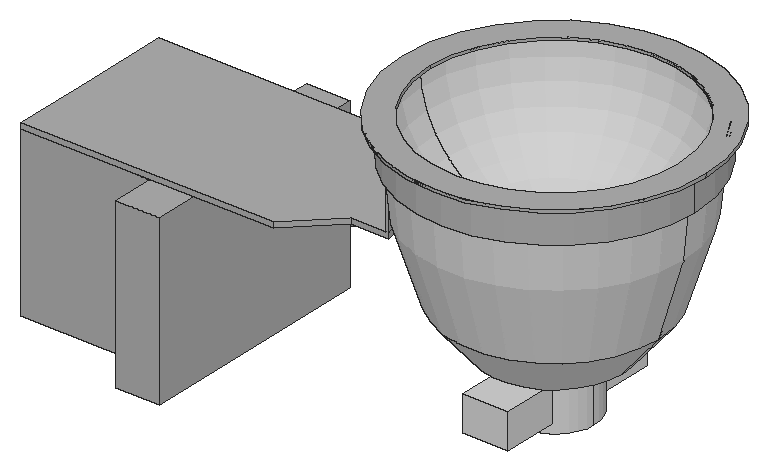
Revit family "RLC6ML", category Lighting Fixtures, host Face, Revit 2014
Parameters (values of type "RLC6")
  Wattage Comments = "17W - 42W"  # constant formula
  Wattage = 17 W
  built-in parameter 1150110 = 1 (stored number, unit not read)
  Voltage = 120 V
  URL = "https://www.hubbell.com/prescolite/en/"
  built-in parameter 1114217 = 1 (stored number, unit not read)
  Tilt Angle = -90.00°  # constant formula
  built-in parameter 1150109 = 1 (stored number, unit not read)
  built-in parameter 1150134 = (empty or 0)
  built-in parameter 1150113 = 1 (stored number, unit not read)
  Product Page URL = "https://www.hubbell.com/prescolite/en/Products/Lighting-Controls/Commercial-Indoor-Lighting/Recessed-Downlights/RLC6/p/213017"
  Product Documentation Link = "https://hubbellcdn.com/specsheet/rtf_024.pdf"
  Photometric Web Link = "https://www.hubbell.com/prescolite/en/Products/Lighting-Controls/Commercial-Indoor-Lighting/Recessed-Downlights/RLC6/p/213017#prod-resources-section"
  Photometric Web File = "RLC6LED120_6LCLED535K8.IES"
  Model = "RLC6ML"  # constant formula
  Manufacturer = "Prescolite"  # constant formula
  built-in parameter 1150105 = 200.95 (stored number, unit not read)
  Lumens = 2525.21 lm
  built-in parameter 1150115 = 1 (stored number, unit not read)
  Load Classification = Lighting
  built-in parameter 1150137 = (empty or 0)
  built-in parameter 1150139 = (empty or 0)
  built-in parameter 1150112 = 1 (stored number, unit not read)
  built-in parameter 1150114 = 1 (stored number, unit not read)
  Lamp = "LED"
  Input Watts = 17 W
  built-in parameter 1150132 = (empty or 0)
  built-in parameter 1150102 = (empty or 0)
  built-in parameter 1150107 = 3500 (stored number, unit not read)
  built-in parameter 1150138 = (empty or 0)
  built-in parameter 1150106 = 2.0095 (stored number, unit not read)
  Housing = Hubbell - Steel
  Reflector = Hubbell - Aluminum
  Emit from Circle Diameter = 6"  # constant formula
  Emit Shape Visible in Rendering = no
  built-in parameter 1150104 = 13.8 (stored number, unit not read)
  Dimming Lamp Color Temperature Shift = <None>
  Description = "Retroficient is designed specifically to retrofit into ceilings with existing recessed downlight fixtures"  # constant formula
  Default Elevation = 48"
  Color Filter = 16777215
  built-in parameter 1114218 = 1 (stored number, unit not read)
  built-in parameter 1150133 = 10 (stored number, unit not read)
  Application = "Education,Healthcare,Hospitality,Office,Lobby,Conference Room,Classroom,Waiting Room,Auditorium,Guest Room,Dining Area"  # constant formula
  Apparent Load = 0 VA
Reference planes (in)
  plane 1 "Center (Front/Back)": y = 0
  plane 2: z = 0
  plane 3 "Center (Left/Right)": x = 0
  plane 4: x = -7.5
  plane 5: x = 3.25
  plane 6: z = -3
  plane 7: x = 0.0625
  plane 8: z = -0.8125
  plane 9: z = -7
  plane 10: z = -3.125
  plane 11: x = -3.5
  plane 12: z = 0.0625
  plane 13: y = 1.99568
  plane 14: y = -1.99568
  plane 15: z = 0.1875
Forms (in)
  Extrusion 1, solid, material "Hubbell - Steel" <- "Housing"
    sketch origin (0, 0, 0) x (1, 0, 0) y (0, 1, 0)
      loop
        circle (3.25, 0) r 3.5
      loop
        circle (3.25, 0) r 2.875
    from 0 to 0.0625
  Revolve 2, solid, material "Hubbell - Aluminum" <- "Reflector"
    sketch origin (0, 0, -0.13258) x (1, 0, 0) y (0, 0, 1)
      loop
        line (2.33194, -4.6137) -> (2.33194, -5.89836) -> (3.25, -5.89836) -> (3.25, -2.26333) -> (1.92975, -2.26333)
        arc (1.92975, -2.26333) -> (0.62541, -1.36802) -> (0.1243, 0.13258) r 2.48854
        line (0.1243, 0.13258) -> (0.0618, 0.13258)
        arc (0.0618, 0.13258) -> (0.25863, -1.77741) -> (0.84514, -3.60573) r 9.2597
        line (0.84514, -3.60573) -> (1.68113, -4.6137) -> (2.33194, -4.6137)
      axis (3.25, 0.13258) -> (3.25, -5.89836)
    angle from 0 to 360
  Extrusion 3, solid, material "Hubbell - Steel" <- "Housing"
    sketch origin (0, 0, 0) x (1, 0, 0) y (0, 1, 0)
      loop
        line (0.22342, 1) -> (-0.65625, 1) -> (-1.65193, 1.99568) -> (-7.5, 1.99568) -> (-7.5, 0) -> (-7.5, -1.99568) -> (-1.65193, -1.99568) -> (-0.65625, -1) -> (0.22342, -1)
        arc (0.22342, -1) -> (0.0625, 0) -> (0.22342, 1) r 3.1875
    from -3.125 to -3
  Extrusion 4, solid, material "Hubbell - Steel" <- "Housing"
    sketch origin (0, 0, 0) x (1, 0, 0) y (0, 1, 0)
      loop
        line (-7.5, 1.99568) -> (-7.5, -1.99568) -> (-3.5, -1.99568) -> (-3.5, 1.99568) -> (-7.5, 1.99568)
    from -3.125 to -7
  Revolve 5, solid, material "Hubbell - Steel" <- "Housing"
    sketch origin (0, 0, 0) x (1, 0, 0) y (0, 0, 1)
      loop
        line (0, 0) -> (0, -0.8125) -> (0.0625, -0.8125) -> (0.0625, 0) -> (0, 0)
      axis (3.25, 0) -> (3.25, -0.8125)
    angle from 0 to 360
  Extrusion 6, solid, material "Hubbell - Steel" <- "Housing"
    sketch origin (1.38379, -180, 0) x (0, -1, 0) y (1, 0, 0)
      loop
        line (-179, -1.22612) -> (-179, -1.16036)
        arc (-179, -1.16036) -> (-180, -1.32129) -> (-181, -1.16036) r 3.1875
        line (-181, -1.16036) -> (-181, -1.22612)
        arc (-181, -1.22612) -> (-180, -1.38379) -> (-179, -1.22612) r 3.25
    from -3.125 to -0.8125
  Extrusion 7, void
    sketch origin (1.38379, -180, 0) x (0, -1, 0) y (1, 0, 0)
      loop
        circle (-180, 1.86621) r 3.25
    from 0 to -3.125
  Extrusion 8, solid, material "Hubbell - Aluminum" <- "Reflector"
    sketch origin (-0.08637, 0, 0) x (1, 0, 0) y (0, 0, 1)
      loop
        line (2.81039, -5.02709) -> (2.81039, -5.82143) -> (3.86235, -5.82143) -> (3.86235, -5.02709) -> (2.81039, -5.02709)
    from -1.99568 to 1.99568
  Sweep 9, solid, material "Hubbell - Steel" <- "Housing"
    path origin (0, -4.80623, -5.64998) x (0, -1, 0) y (1, 0, 0)
      loop
        spline (-6.68312, -4.17701) -> (-7.66243, -3.4099) -> (-8.30799, -2.5833) -> (-8.6766, -1.72524) -> (-8.82504, -0.86373) -> (-8.81009, -0.0268) -> (-8.68853, 0.75755) -> (-8.50955, 1.46236) -> (-8.25922, 2.0696) -> (-7.8924, 2.5656) -> (-7.36372, 2.93674) -> (-6.62782, 3.16942) -> (-5.63933, 3.25)
    profile origin (0.75755, 3.88231, -5.64998) x (0.203884, 0.978995, 0) y (0, 0, 1)
      loop
        circle (0, 0) r 0.13761
  Extrusion 10, solid, material "Hubbell - Steel" <- "Housing"
    sketch origin (1.38379, -180, 0) x (0, -1, 0) y (1, 0, 0)
      loop
        line (-182.52581, -4.88379) -> (-182.52581, -5.88379) -> (-177.02581, -5.88379) -> (-177.02581, -4.88379) -> (-182.52581, -4.88379)
    from -7 to -3.125
Cuts and joins
  joined: Extrusion 1, Extrusion 3, Revolve 5, Extrusion 6
  joined: Extrusion 4, Extrusion 10
Dimensions and locks (in)
  locked: plane 4 to plane 3 "Center (Left/Right)" at 7.5
  locked: plane 4 to plane 5 at 10.75
  locked: plane 1 "Center (Front/Back)" to Extrusion 3 sketch curve at 1
  Extrusion 3 sketch curve to plane 1 "Center (Front/Back)" = 1"
  locked: plane 7 to plane 3 "Center (Left/Right)" at 0.0625
  locked: plane 2 to plane 9 at 7
  plane 2 to plane 6 = 3"
  locked: plane 6 to plane 10 at 0.125
  locked: plane 11 to plane 4 at 4
  locked: plane 12 to plane 2 at 0.0625
  equal spacing: plane 14, plane 1 "Center (Front/Back)", plane 13, locked at 1.99568 each
  locked: plane 15 to plane 12 at 0.125
  aligned and locked: Revolve 2 sketch curve to plane 5  (x2)
  aligned and locked: plane 6 to Extrusion 3
  aligned and locked: Revolve 5 sketch curve to plane 3 "Center (Left/Right)"
  aligned and locked: plane 7 to Revolve 5 sketch curve
  aligned and locked: plane 8 to Revolve 5 sketch curve
  aligned and locked: Extrusion 3 to plane 10
  aligned and locked: Extrusion 4 to Extrusion 3
  aligned and locked: plane 11 to Extrusion 4
  aligned and locked: cut or joined group of Extrusion 1, Extrusion 3, Revolve 5, Extrusion 6 to Extrusion 6
  aligned and locked: imposter light to plane 1 "Center (Front/Back)"
  aligned and locked: host face to cut or joined group of Extrusion 1, Extrusion 3, Revolve 5, Extrusion 6
  aligned and locked: cut or joined group of Extrusion 1, Extrusion 3, Revolve 5, Extrusion 6 to Extrusion 7
  aligned and locked: plane 12 to Extrusion 1
  aligned and locked: Extrusion 1 to plane 2
  aligned and locked: Revolve 2 sketch curve to plane 2
  aligned and locked: Revolve 5 sketch curve to plane 2
  aligned and locked: Extrusion 6 to Revolve 5
  aligned and locked: Extrusion 8 to Extrusion 4
  aligned and locked: Extrusion 4 to Extrusion 8
  aligned and locked: cut or joined group of Extrusion 1, Extrusion 3, Revolve 5, Extrusion 6 to plane 14
  aligned and locked: cut or joined group of Extrusion 1, Extrusion 3, Revolve 5, Extrusion 6 to plane 13
  aligned and locked: imposter light to plane 15
  aligned and locked: Extrusion 10 to Extrusion 4
  aligned and locked: Extrusion 4 to Extrusion 10
Automatic sketch dimensions
  host sketch curve to host sketch curve = 96"  (x2)
  Extrusion 1 sketch curve to Extrusion 1 sketch curve = 0"  (x2)
  plane 1 "Center (Front/Back)" to Extrusion 1 sketch curve = 0"
  Extrusion 1 sketch curve to plane 5 = 0"
  Revolve 2 sketch curve to level = 0.00295"
  Revolve 2 sketch curve to plane 5 = 0.63715"
  Revolve 2 sketch curve to plane 5 = 0.91806"
  plane 6 to Revolve 2 sketch curve = 0.60409"
  Revolve 2 sketch curve to Revolve 2 sketch curve = 1.32025"
  Revolve 2 sketch curve to Revolve 2 sketch curve = 0.65081"
  plane 3 "Center (Left/Right)" to Revolve 2 sketch curve = 0.84514"
  plane 3 "Center (Left/Right)" to Revolve 2 sketch curve = 0.0618"
  Revolve 2 sketch curve to level = 0.01091"
  plane 5 to Revolve 2 sketch curve = 6.0715"
  Revolve 2 sketch curve to Revolve 2 sketch curve = 1.00797"
  plane 9 to Revolve 2 sketch curve = 0.96906"
  Revolve 2 sketch curve to plane 9 = 3.88258"
  plane 12 to Revolve 2 sketch curve = 1.30492"
  Extrusion 3 sketch curve to plane 4 = 0"
  plane 13 to Extrusion 3 sketch curve = 0"
  Extrusion 3 sketch curve to plane 14 = 0"
  plane 1 "Center (Front/Back)" to Extrusion 3 sketch curve = 0"  (x2)
  Extrusion 3 sketch curve to plane 5 = 0"
  Extrusion 3 sketch curve to plane 3 "Center (Left/Right)" = 1.65193"  (x2)
  Extrusion 3 sketch curve to plane 3 "Center (Left/Right)" = 21/32"  (x2)
  plane 3 "Center (Left/Right)" to Extrusion 3 sketch curve = 0.22342"
  Extrusion 4 sketch curve to plane 4 = 0"
  Extrusion 4 sketch curve to plane 11 = 0"
  Extrusion 4 sketch curve to plane 14 = 0"
  plane 13 to Extrusion 4 sketch curve = 0"
  Revolve 5 sketch curve to plane 5 = 0"
  Revolve 5 sketch curve to plane 10 = 0.42176"
  plane 12 to Revolve 5 sketch curve = 2 9/16"
  Extrusion 6 sketch curve to Extrusion 6 sketch curve = 0"  (x2)
  plane 1 "Center (Front/Back)" to Extrusion 6 sketch curve = 0"
  Extrusion 6 sketch curve to plane 5 = 0"
  plane 3 "Center (Left/Right)" to Extrusion 6 sketch curve = 0.22342"
  plane 13 to Extrusion 6 sketch curve = 0.99568"
  plane 3 "Center (Left/Right)" to Extrusion 6 sketch curve = 0.15767"
  plane 1 "Center (Front/Back)" to Extrusion 6 sketch curve = 1"
  plane 1 "Center (Front/Back)" to Extrusion 7 sketch curve = 0"
  Extrusion 7 sketch curve to plane 5 = 0"
  Extrusion 8 sketch curve to plane 5 = 0.52598"
  plane 5 to Extrusion 8 sketch curve = 0.52598"
  plane 9 to Extrusion 8 sketch curve = 1.17857"
  Extrusion 8 sketch curve to Extrusion 8 sketch curve = 0.79434"
  Sweep 9 sketch curve to plane 5 = 0"
  Sweep 9 sketch curve to plane 1 "Center (Front/Back)" = 1.8769"
  plane 14 to Sweep 9 sketch curve = 2.82878"
  Sweep 9 sketch curve to plane 11 = 0.67701"
  Sweep 9 sketch curve to profile plane = 0"  (x2)
  Extrusion 10 sketch curve to plane 11 = 0"
  Extrusion 10 sketch curve to plane 13 = 0.53012"
  Extrusion 10 sketch curve to plane 14 = 0.97851"
  Extrusion 10 sketch curve to plane 11 = 1"
  radius of Extrusion 1 sketch curve = 3 1/2"
  radius of Extrusion 1 sketch curve = 2 7/8"
  radius of Extrusion 7 sketch curve = 3 1/4"
  radius of Sweep 9 sketch curve = 0.13761"
Connectors (in)
  electrical at (-5.5, 0, -7), driven by "Voltage", driven by "Apparent Load", driven by "Load Classification"
    settings: on Extrusion 4, index 1, voltage 120 V, apparent load 0 VA, apparent load phase1 0 VA, apparent load phase2 0 VA, apparent load phase3 0 VA, power factor 1, load classification "Lighting", number of poles 1, system type 30, power factor state 1, is connector primary yes, connector utility no, sub classification motor no, connector description "Electrical Connector"
